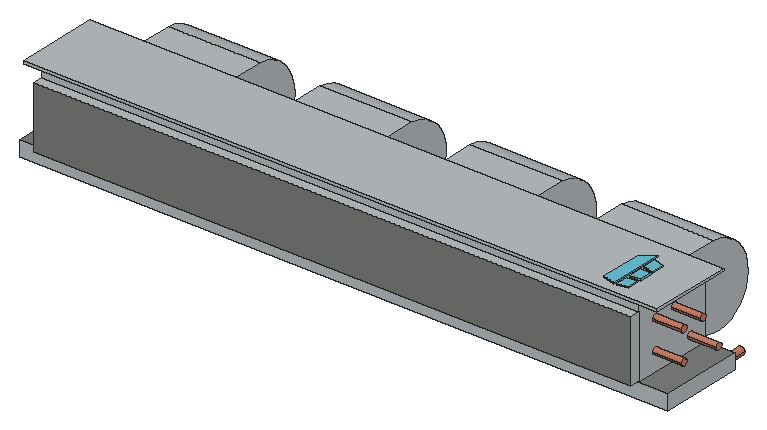
Revit family
Parameters (values of type "CHY(4-Pipe)")
  Supply Air Height = 0' - 6 1/4"
  Revit Family Version = "10/27/2010"
  Motor Quantity = 1
  Drain Pan Width = 5' - 5 1/4"
  Voltage = 115 V
  URL = "www.iec-okc.com"
  Type Comments = "ARI Default"
  Total Heating Capacity = 30089.0 Btu/h
  Total Cooling Capacity = 16822.0 Btu/h
  Supply Fan Motor Speed = 1
  Supply External Static Pressure = 0.00 in-wg
  Sensible Cooling Capacity = 12736.0 Btu/h
  Product Name = "Fan Coil Unit"  # constant formula
  Phase = 1
  Nominal HP = "1/30"
  Model = "CHY(4-Pipe)"
  Minimum Circuit Current = 15 A
  Manufacturer = "IEC"
  Load = 184 VA
  Height = 0' - 8 3/4"
  Heating Water Leaving Temperature = 160.0 °F
  Heating Leaving Dry Bulb Temperature = 111.1 °F
  Heating Entering Dry Bulb Temperature = 70 °F
  Heating Coil Water Pressure Drop = 34.373 kPa
  Heating Water Entering Temperature = 180.0 °F
  Heating Coil Row Count = 1
  Frequency = 60 Hz
  Fan Quantity = 2
  Family Load Status = "** NOT VALID ** Must be loaded via type catalog"
  Designation = "FCU"
  Design Supply Air Flow = 670 CFM
  Design Heating Water Flow = 3.0 GPM
  Design Chilled Water Flow = 3.4 GPM
  Description = "Ceiling Hideaway FCU"
  Depth = 1' - 5 1/2"
  Cooling Leaving Wet Bulb Temperature = 59.2 °F
  Cooling Leaving Dry Bulb Temperature = 62.6 °F
  Cooling Entering Wet Bulb Temperature = 67 °F
  Cooling Entering Dry Bulb Temperature = 80 °F
  Cooling Coil Water Pressure Drop = 14.048 kPa
  Cooling Coil Row Count = 2
  Coil Width = 5' - 0"
  Chilled Water Leaving Temperature = 55.0 °F
  Chilled Water Entering Temperature = 45.0 °F
  Blower Offset 4 = 4' - 0 1/8"
  Blower Offset 3 = 2' - 8 7/8"
  Blower Offset 2 = 1' - 5 3/4"
  Blower Offset 1 = 0' - 2 1/2"
  Blower 4 = yes
  Blower 3 = yes
  Blower 2 = yes
  Blower 1 = yes
  Assembly Code = "D3050"
  Actual Condensate Drain Flow = 0.0 GPM
  ARI Number = ""
Reference planes (in)
  plane 1 "Center (Front/Back)": y = -9.375
  plane 2: z = 0
  plane 3 "Center (Left/Right)": x = 6
  plane 4: y = -13.5625
  plane 5: y = -5.1875
  plane 6: x = -24
  plane 7: x = 36
  plane 8: x = -26.25
  plane 9: x = 39
  plane 10: x = 37.875
  plane 11: x = -25.875
  plane 12: z = -0.875
  plane 13: z = -7.25
  plane 14: z = -0.25
  plane 15: z = -7.125
  plane 16: z = -8.75
Forms (in)
  Extrusion 1, solid, material "Metal - IEC - Steel"
    sketch origin (0, 0, 0) x (1, 0, 0) y (0, 1, 0)
      loop
        line (-24, -13.5625) -> (36, -13.5625) -> (36, -5.1875) -> (-24, -5.1875) -> (-24, -13.5625)
    from -7.25 to -0.25
  Extrusion 2, solid, material "Copper"
    sketch origin (36, -13.5625, 0) x (0, 1, 0) y (0, 0, 1)
      loop
        circle (4.375, -2.25) r 0.3125
      loop
        circle (6.375, -5.75) r 0.3125
      loop
        circle (2, -2.25) r 0.3125
      loop
        circle (2, -5.25) r 0.3125
    from 0 to 3
  Extrusion 3, solid, material "Metal - IEC - Steel"
    sketch origin (0, 0, -7.25) x (0, 1, 0) y (1, 0, 0)
      loop
        line (-5.1875, -26.25) -> (-5.1875, 39) -> (-13.5625, 39) -> (-13.5625, -26.25) -> (-5.1875, -26.25)
    from 0 to 1.5
  Extrusion 4, solid, material "Metal - IEC - Steel"
    sketch origin (0, 0, -0.25) x (1, 0, 0) y (0, 1, 0)
      loop
        line (-25.875, -5.1875) -> (-25.875, -13.5625) -> (37.875, -13.5625) -> (37.875, -5.1875) -> (-25.875, -5.1875)
    from 0 to 0.25
  Extrusion 5, solid, material "Metal - IEC - Steel"
    sketch origin (-24, -13.5625, 0) x (1, 0, 0) y (0, 0, 1)
      loop
        line (0, -0.875) -> (0, -7.125) -> (60, -7.125) -> (60, -0.875) -> (0, -0.875)
    from 0 to 1
  Extrusion 6, solid, material "Copper"
    sketch origin (-26.25, -5.1875, -7.25) x (1, 0, 0) y (0, 0, -1)
      loop
        circle (64.25, 1) r 0.375
    from 0 to 2
Dimensions and locks (in)
  locked: plane 5 to plane 4 at 8.375
  equal spacing: plane 5, plane 1 "Center (Front/Back)", plane 4
  equal spacing: plane 6, plane 3 "Center (Left/Right)", plane 7
  "Coil Width": plane 6 to plane 7
  "Drain Pan Width": plane 8 to plane 9
  locked: plane 8 to plane 6 at 2.25
  locked: plane 7 to plane 10 at 1.875
  locked: plane 11 to plane 6 at 1.875
  locked: Extrusion 2 sketch curve to Extrusion 1 at 2  (x3)
  locked: Extrusion 2 sketch curve to Extrusion 1 at 4
  locked: Extrusion 1 to Extrusion 2 sketch curve at 1.5
  locked: Extrusion 1 to Extrusion 2 sketch curve at 2  (x3)
  locked: plane 7 to Extrusion 2 at 3
  locked: level to plane 12 at 0.875
  locked: plane 4 to Extrusion 5 at 1
  locked: plane 16 to plane 13 at 1.5
  "Supply Air Height": plane 12 to plane 15
  "Height": level to plane 16
  "Blower Offset 1": nested 4 to plane 7
  "Blower Offset 2": nested 1 to plane 7
  "Blower Offset 3": nested 2 to plane 7
  "Blower Offset 4": nested 3 to plane 7
  locked: Extrusion 3 to Extrusion 6 sketch curve at 1
  locked: plane 16 to Extrusion 6 sketch curve at 0.5
  locked: plane 5 to Extrusion 6 at 2
  locked: plane 4 to nested 5 at 1
  aligned and locked: plane 6 to Extrusion 1 sketch curve
  aligned and locked: Extrusion 1 sketch curve to plane 4
  aligned and locked: plane 5 to Extrusion 1 sketch curve
  aligned and locked: Extrusion 1 sketch curve to plane 7
  aligned and locked: plane 7 to Extrusion 2
  aligned and locked: level to plane 2
  aligned: level to Extrusion 1
  aligned and locked: Extrusion 1 to plane 13
  aligned and locked: plane 8 to Extrusion 3 sketch curve
  aligned and locked: plane 5 to Extrusion 3 sketch curve
  aligned and locked: plane 4 to Extrusion 3 sketch curve
  aligned and locked: plane 9 to Extrusion 3 sketch curve
  aligned and locked: plane 11 to Extrusion 4 sketch curve
  aligned and locked: Extrusion 4 sketch curve to plane 5
  aligned and locked: plane 4 to Extrusion 4 sketch curve
  aligned and locked: Extrusion 4 sketch curve to plane 10
  aligned and locked: level to Extrusion 4
  aligned and locked: Extrusion 4 to plane 14
  aligned and locked: Extrusion 1 to Extrusion 4
  aligned and locked: plane 6 to Extrusion 5 sketch curve
  aligned and locked: Extrusion 5 sketch curve to plane 12
  aligned and locked: plane 15 to Extrusion 5 sketch curve
  aligned and locked: plane 7 to Extrusion 5 sketch curve
  aligned and locked: plane 4 to Extrusion 5
  aligned and locked: Extrusion 3 to plane 16
  aligned and locked: plane 5 to nested 1
  aligned and locked: plane 5 to nested 2
  aligned and locked: plane 5 to nested 3
  aligned and locked: plane 12 to nested 1
  aligned and locked: plane 12 to nested 2
  aligned and locked: plane 12 to nested 3
  aligned and locked: plane 5 to nested 4
  aligned and locked: plane 12 to nested 4
  aligned and locked: Extrusion 6 to plane 5
  aligned and locked: plane 2 to nested 5
  aligned and locked: nested 5 to plane 7
Automatic sketch dimensions
  radius of Extrusion 2 sketch curve = 0' - 0 5/16"  (x4)
  radius of Extrusion 6 sketch curve = 0' - 0 3/8"
Nested families (in)
  nested 1: "Blower" at (18.25, -5.9375, -0.875) x (-1, 0, 0) z (0, 0, 1), visible <- "Blower 2", type "Blower"
  nested 2: "Blower" at (3.125, -5.9375, -0.875) x (-1, 0, 0) z (0, 0, 1), visible <- "Blower 3", type "Blower"
  nested 3: "Blower" at (-12.125, -5.9375, -0.875) x (-1, 0, 0) z (0, 0, 1), visible <- "Blower 4", type "Blower"
  nested 4: "Blower" at (33.5, -5.9375, -0.875) x (-1, 0, 0) z (0, 0, 1), visible <- "Blower 1", type "Blower"
  nested 5: "Horizontal IEC Logo 3D" at (31.42527, -12.5625, 0), type "Horizontal IEC Logo 3D", detail levels fine
Connectors (in)
  piping at (39, -11.5625, -5.25), driven by "Design Heating Water Flow"
    settings: on Extrusion 2, index 1
  piping at (39, -11.5625, -2.25), driven by "Heating Coil Water Pressure Drop", driven by "Design Heating Water Flow"
    settings: on Extrusion 2, index 2
  piping at (39, -9.1875, -2.25), driven by "Cooling Coil Water Pressure Drop", driven by "Design Chilled Water Flow"
    settings: on Extrusion 2, index 3
  piping at (39, -7.1875, -5.75), driven by "Design Chilled Water Flow"
    settings: on Extrusion 2, index 4
  piping at (38, -3.1875, -8.25), driven by "Actual Condensate Drain Flow"
    settings: on Extrusion 6, index 5
  electrical at (-24, -9.375, -3.75), driven by "Phase", driven by "Voltage", driven by "Load"
    settings: on Extrusion 1, index 6
  hvac at (6, -14.5625, -4), driven by "Coil Width", driven by "Supply Air Height", driven by "Design Supply Air Flow", driven by "Supply External Static Pressure"
    settings: on Extrusion 5, index 7
Definition of nested family "Blower"
  Parameters (values of type "Blower")
    Nozzle Width = 0' - 9 1/2"
    Nozle Height = 0' - 4 1/4"
    Assembly Code = ""
  Reference planes (in)
    plane 1 "Front": y = -0.75
    plane 2: z = 0
    plane 3 "Center (Left/Right)": x = 0
  Forms (in)
    Extrusion 1, solid, material "Metal - IEC - Steel"
      sketch origin (0, 0, -4) x (0, 1, 0) y (0, 0, 1)
        loop
          line (-0.75, 4) -> (-5, 4)
          arc (-5, 4) -> (-8.05416, 2.49699) -> (-9.25, -0.69) r 4.62031
          arc (-9.25, -0.69) -> (-7.94469, -3.47424) -> (-5, -4.36) r 3.76973
          arc (-5, -4.36) -> (-2.67606, -3.13626) -> (-1.72, -0.69) r 3.76014
          arc (-1.72, -0.69) -> (-1.58422, -0.27093) -> (-1.23686, 0) r 0.75133
          line (-1.23686, 0) -> (-0.75, 0) -> (-0.75, 4)
      from 0 to 9.28
  Dimensions and locks (in)
    aligned and locked: level to plane 2
    aligned and locked: Extrusion 1 to plane 3 "Center (Left/Right)"
Definition of nested family "Horizontal IEC Logo 3D"
  Parameters (values of type "Horizontal IEC Logo 3D")
    URL = "http://www.iec-okc.com"
    Manufacturer = "International Environmental Corporation"
    Copyright © = ""
    Assembly Code = ""
  Reference planes (in)
    plane 1 "Center (Front/Back)": y = 0
    plane 2 "Bottom": z = 0
    plane 3 "Center (Left/Right)": x = 0
    plane 4 "Top": z = 6
    plane 5 "Right": x = 4.57473
    plane 6: y = 6
  Forms (in)
    Extrusion 1, solid, material "Paint - IEC - Blue"
      sketch origin (-3.24555, -0.25468, 0) x (1, 0, 0) y (0, 1, 0)
        loop
          line (3.24555, 0.65702) -> (4.52737, 0.25468) -> (4.52737, 5.84344) -> (3.24555, 4.84197) -> (3.24555, 0.65702)
        loop
          line (4.79344, 5.10212) -> (4.79344, 3.74464) -> (5.82027, 3.61857) -> (5.82027, 4.77981) -> (4.79344, 5.10212)
        loop
          line (4.79344, 0.25468) -> (5.82027, 0.52981) -> (5.82027, 1.70204) -> (4.79344, 1.5626) -> (4.79344, 0.25468)
        loop
          line (4.79344, 3.3345) -> (4.79344, 1.92278) -> (5.82027, 2.0307) -> (5.82027, 3.26102) -> (4.79344, 3.3345)
      from 0 to 0.125
  Text (in)
    text "Copyright © McQuay International 2009" at (0.00043, 0.00036, 0), in view "Ref. Level"
  Dimensions and locks (in)
    plane 4 "Top" to plane 2 "Bottom" = 0' - 6"
    locked: plane 5 "Right" to Extrusion 1 at 2
    locked: plane 3 "Center (Left/Right)" to plane 5 "Right" at 4.57473
    locked: plane 6 to plane 1 "Center (Front/Back)" at 6
    aligned and locked: plane 2 "Bottom" to level
